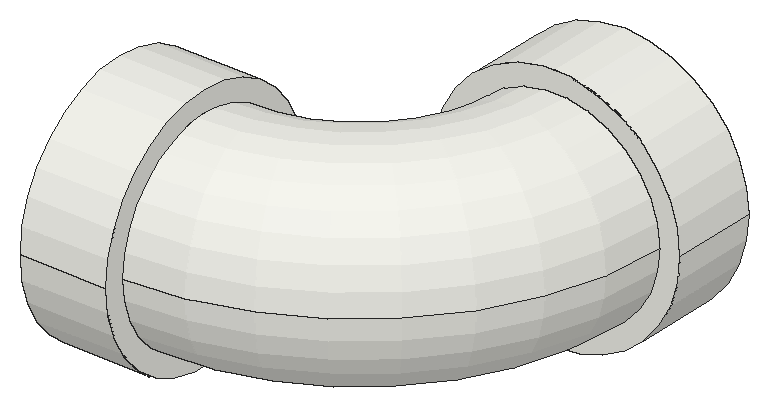
Revit family "Curva", category Pipe Fittings, Revit 2025
Family settings
  Round Connector Dimension = Use Radius
  Part Type = Elbow
  OmniClass Number = 23.60.30.11.14
  OmniClass Title = Pipework Fittings
  Work Plane-Based = No
  Always vertical = Yes
  Cut with Voids When Loaded = No
  Shared = No
Parameters
  Wall Thickness [instance] = size_lookup(Lookup Table Name, "WThk", 0.02 * Nominal Diameter + 33/256", Nominal Diameter)  # 0.156"
  Tick Size [instance] = Fitting Outside Diameter * 0.4  # 0.664"
  Socket Outside Radius [instance] = Socket Outside Diameter / 2  # 0.9935"
  Socket Outside Diameter [instance] = Socket Entrance Diameter + Wall Thickness * 2  # 1.987"
  Socket Entrance Diameter [instance] = size_lookup(Lookup Table Name, "SED", 1.04 * Nominal Diameter + 95/256", Nominal Diameter)  # 1.675"
  Socket Depth [instance] = size_lookup(Lookup Table Name, "SDpt", 0.5 * Nominal Diameter, Nominal Diameter)  # 0.687"
  Nominal Radius [instance] = 5/8"
  Nominal Diameter [instance] = Nominal Radius * 2  # 1 1/4"
  Loss Method = Not Defined
  Lookup Table Name = "Bend - PVC - Sch 40 - DWV"
  Length 2 [instance] = (Center to Socket Bottom Label + Socket Depth) * sin(Angle)  # 2 1/4"
  Length 1 [instance] = Center to Socket Bottom Label * (1 + cos(Angle)) + Socket Depth * cos(Angle)  # 1.563"
  Fitting Outside Radius [instance] = Fitting Outside Diameter / 2  # 0.83"
  Fitting Outside Diameter [instance] = size_lookup(Lookup Table Name, "FOD", 1.04 * Nominal Diameter + 23/64", Nominal Diameter)  # 1.66"
  Default Elevation = 0.000 m
  Center to Socket Bottom Not Found [instance] = if(Angle 1 = 90.00°, 0.66 * Nominal Diameter + 119/128", if(Angle 1 = 60.00°, 0.41 * Nominal Diameter + 55/128", if(Angle 1 = 45.00°, 0.42 * Nominal Diameter + 69/128", 0.21 * Nominal Diameter + 51/256")))  # 1.75469"
  Center to Socket Bottom Label [instance] = if(Fitting Outside Radius * tan(Angle / 2) > Center to Socket Bottom, Fitting Outside Radius * tan(Angle / 2) + 1/32", Center to Socket Bottom)  # 1.563"
  Center to Socket Bottom [instance] = size_lookup(Lookup Table Name, "CtSB", Center to Socket Bottom Not Found, Nominal Diameter, Angle 1)  # 1.563"
  Center Radius [instance] = Center to Socket Bottom Label / tan(Angle / 2)  # 1.563"
  Angle 1 [instance] = if(or(Angle < 22.50°, Angle = 22.50°), 22.50°, if(or(Angle < 45.00°, Angle = 45.00°), 45.00°, if(or(Angle < 60.00°, Angle = 60.00°), 60.00°, 90.00°)))  # 90.00°
  Angle [instance] = 90.00°
Reference planes (m)
  plane 1 "Center (Front/Back)": y = 0
  plane 2: z = 0
  plane 3 "Center (Left/Right)": x = 0
  plane 4: x = -0.0397
  plane 5: y = 0.0397
  plane 6: x = 0
  plane 7: y = 0.05715
  plane 8: x = -0.05715
Forms (m)
  Sweep 1, solid, material "PVC", detail levels fine
    path in 3D
      loop
        arc (-0.0397, 0, 0) -> (-0.011628, 0.011628, 0) -> (0, 0.0397, 0) r 0.0397
    profile origin (-0.011628, 0.011628, 0) x (-0.707107, 0.707107, 0) y (0, 0, 1)
      loop
        circle (0, 0) r 0.021082
  Sweep 2, solid, material "PVC", detail levels fine
    path in 3D
      loop
        line (-0.05715, 0, 0) -> (-0.0397, 0, 0)
    profile origin (-0.048425, 0, 0) x (0, 1, 0) y (0, 0, 1)
      loop
        circle (0, 0) r 0.025235
  Sweep 3, solid, material "PVC", detail levels fine
    path in 3D
      loop
        line (0, 0.0397, 0) -> (0, 0.05715, 0)
    profile origin (0, 0.048425, 0) x (-1, 0, 0) y (0, 0, 1)
      loop
        circle (0, 0) r 0.025235
Cuts and joins
  joined: Sweep 1, Sweep 2, Sweep 3
Lines and regions (m)
  model lines, detail levels coarse+medium
    curve 1: arc (-0.0397, 0, 0) -> (-0.011628, 0.011628, 0) -> (0, 0.0397, 0) r 0.0397
    curve 2: line (0, 0.0397, 0) -> (0, 0.05715, 0)
    curve 3: line (-0.05715, 0, 0) -> (-0.0397, 0, 0)
    curve 9: line (0, 0.05715, 0) -> (-0.016866, 0.05715, 0)
    curve 10: line (0, 0.05715, 0) -> (0.016866, 0.05715, 0)
    curve 11: line (-0.05715, 0.016866, 0) -> (-0.05715, 0, 0)
    curve 12: line (-0.05715, 0, 0) -> (-0.05715, -0.016866, 0)
  sketch lines
    curve 4: arc (-0.0397, 0, 0) -> (-0.011628, 0.011628, 0) -> (0, 0.0397, 0) r 0.0397
    curve 5: line (-0.05715, 0, 0) -> (-0.0397, 0, 0)
    curve 6: line (0, 0.0397, 0) -> (0, 0.05715, 0)
  reference lines
    curve 7: line (0, 0.05715, 0) -> (0, 0.0397, 0)
    curve 8: line (-0.05715, 0, 0) -> (-0.0397, 0, 0)
Dimensions and locks (m)
  "Center to Socket Bottom Label": plane 4 to plane 3 "Center (Left/Right)"
  "Center Radius": plane 5 to plane 1 "Center (Front/Back)"
  "Length 1": plane 4 to plane 6
  "Length 2": plane 7 to plane 1 "Center (Front/Back)"
  "Socket Depth": curve 2 to curve 2
  "Socket Depth": plane 8 to plane 4
  "Tick Size": curve 9 to curve 9
  "Tick Size": curve 10 to curve 10
  "Tick Size": curve 11 to curve 11
  "Tick Size": curve 12 to curve 12
  "Fitting Outside Radius": radius of Sweep 1 sketch curve
  "Socket Outside Radius": radius of Sweep 2 sketch curve
  "Socket Outside Radius": radius of Sweep 3 sketch curve
  "Center Radius": radius of curve 1
  "Angle": angle curve 1 to curve 1
  "Angle": angle plane 1 "Center (Front/Back)" to curve 2
  "Angle": angle plane 1 "Center (Front/Back)" to curve 7
  "Angle": angle plane 6 to curve 9
  "Angle": angle plane 6 to curve 10
  aligned and locked: plane 1 "Center (Front/Back)" to curve 1
  aligned and locked: plane 1 "Center (Front/Back)" to curve 3
  aligned and locked: plane 6 to curve 7
  aligned and locked: plane 7 to curve 7
  aligned and locked: plane 8 to curve 8
  aligned and locked: plane 1 "Center (Front/Back)" to curve 8
  aligned and locked: plane 6 to curve 9
  aligned and locked: curve 11 to plane 8
  aligned and locked: curve 12 to plane 8
Automatic sketch dimensions
  Sweep 1 sketch curve to profile plane = 0.000 m
  profile plane to Sweep 1 sketch curve = 0.000 m
  Sweep 2 sketch curve to profile plane = 0.000 m  (x2)
  Sweep 3 sketch curve to profile plane = 0.000 m  (x2)
  curve 8 to plane 4 = 0.000 m
Connectors (m)
  piping at (-0.05715, 0, 0), diameter 0.03175, driven by "Angle", driven by "Nominal Radius"
    settings: on cut or joined group of Sweep 1, Sweep 2, Sweep 3, index 1, connector inside diameter 1 1/4", connector length 0.000 m, flow factor 0, pipe flow 0 GPM, pressure drop 0.00 psi, fitting loss kfactor 0, connector angle 90.00°, fixture units 0, engagement length 0.000 m, angle of deflection 0.00°, flow configuration 0, flow direction 0, fitting loss method 0, system type 28, joint type 0, gender type 0, connector reference index 2, connector utility 0, adjustable connector no, is connector primary yes, connector description ""
  piping at (0, 0.05715, 0), diameter 0.03175, driven by "Angle", driven by "Nominal Radius"
    settings: on cut or joined group of Sweep 1, Sweep 2, Sweep 3, index 2, connector inside diameter 1 1/4", connector length 0.000 m, flow factor 0, pipe flow 0 GPM, pressure drop 0.00 psi, fitting loss kfactor 0, connector angle 90.00°, fixture units 0, engagement length 0.000 m, angle of deflection 0.00°, flow configuration 0, flow direction 0, fitting loss method 0, system type 28, joint type 0, gender type 0, connector reference index 1, connector utility 0, adjustable connector no, is connector primary no, connector description ""
